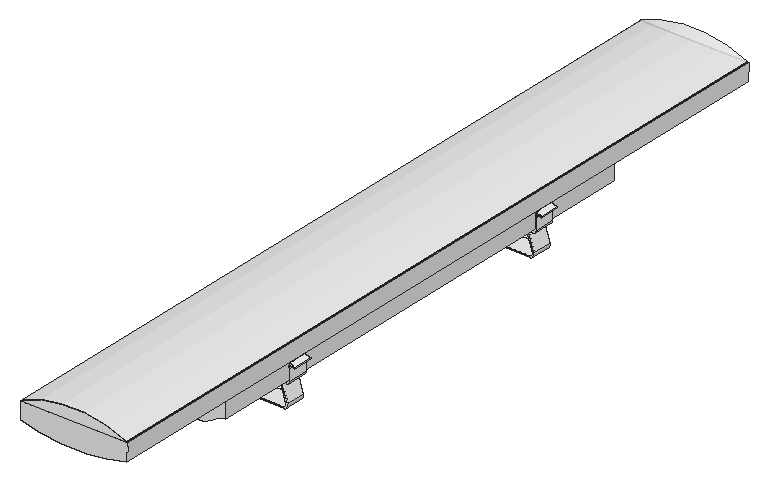
Revit family "Lighting-Industrial-GEWISS-SMART[3]-WATERTIGHT-LED_TRASPARENT_800mm", category Apparecchi per illuminazione, host Superficie, Revit 2019
Family settings
  Host = Superficie
  Quota connettore circolare = Usa diametro
  Tipo di parte = Normale
  Taglio con vuoti quando caricato = No
  Sorgente d'illuminazione = No
  Condiviso = No
  Punto di calcolo locali = Sì
Parameters (values of type "GWS3218TLD57K - SMART3 LED 800 2X18 TRASPAR.DALI 57K LP")
  Working temperature = ""
  Wiring : = "Through wiring"
  Wiring = "With GW connect watertight connector"
  Weight (kg): = "1,5"
  Warranty = "5 years"
  Voltage- = "220/240 V - 50/60 Hz - Dali"
  Visibilita_etichetta [instance] = yes
  Version file RFA = "20.11"
  Unique digital code (Datamatrix) = "Datamatrix"
  Unified Glare Rating = "UGR - 25 (4H/4H)"
  URL = "https://www.gewiss.com/ww/en"
  Typology = "Dali - Feed through wiring"
  Type of light source = "LED - Not replaceable"
  Tilt- = "With fixing bracket"
  Technical sheet = "https://www.gewiss.com/ww/en/search?q=GWS3218TLD57K"
  System power = "27W"
  Supply voltage = "220 - 240 V"
  Struttura = GEWISS - SMART 3 - GRIGIO
  Stocking temperature = "-25 +80 °C"
  Standards and approvals = "-"
  Standard- = "EN60598-1; IEC 62778; IEC62471"
  Standard Deviation Colour Matching = "SDCM = 3"
  Stampa 1_200 = no
  Stampa 1_100 = not(Stampa 1_200)  # yes
  Spostamento_Y_etichetta [instance] = 0 mm
  Spostamento_Y_effettivo_etichetta [instance] = 1500 mm - Spostamento_Y_etichetta  # 1500 mm
  Spostamento_X_etichetta [instance] = 0 mm
  Spostamento_X_effettivo_etichetta [instance] = 1500 mm - Spostamento_X_etichetta  # 1500 mm
  Shock resistance = "IK08"
  Shield type = "UV stabilised polycarbonate"
  Schermo- = Gewiss - Led Acceso
  SEO = "Luminaire"
  Realized by GEWISS S.p.A. = ""
  Rated frequency (Hz) = "50/60 Hz"
  Default Elevation = 1219.2 mm
  Produttore = "GEWISS S.p.A."
  Photobiological Risk Class = "RG0"
  Overvoltage resistance : = "Common mode: 2KV; Differential mode: 1KV"
  Overvoltage protection = "DM 1KV / CM 2KV"
  Optic and illuminating features = "-"
  Optic Maintenance = "Not available"
  Optic : = "Integrated in the screen"
  Optic = "Microprismatic transparent"
  Operating temperature: = "-30 +50 °C"
  Operating temperature : = "-25 +50 °C"
  Nominal flux (lm) = "3500"
  No. LED (#) = ""
  Mouting and installation = "Ceiling - Wallmounting - Suspension"
  Modello = "GWS3218TLD57K"
  Maximum surface exposed to the wind : = "-"
  Materials = "-"
  Lunghezza Lampada = 800 mm  # constant formula
  Luminaire = "LED fixture for general lighting"
  Lumen output (lm) = "3400"
  Locking Hook = "-"
  Lifetime = "L90B50 (Tq+25°C) = 50,000h - L80B10 (Tq+25°C) = 100,000h"
  Length- = "800 mm"
  Lampada = "LED"
  Lamp- = "LED"
  LED Maintenance = "Not available"
  LED LifeTime (L80B20) = "85000H"
  LED Life time (L80B50) = "100000H"
  LED Life time (L70) = ""
  LED Life Time (L90B50) = "50000H"
  Insulation class = "II"
  Installationa and maintenance = "-"
  Immagine tipo = GWS3118T.jpg
  IPEA = "-"
  IP degree = "IP66/IP69"
  IFC.TypeObject = ""
  IFC.ExportType = ""
  IFC.ExportAs = ""
  IDT = "ff6bcfd01228401f9ff1a7111276ab89"
  IDF = "effa2bba-3d5b-4dc5-b978-3b29baa064f3"
  Glow Wire Test : = "850 °C"
  Glow Wire Test = "850°C"
  General information = "-"
  Gasket = "CNC deposited sealant"
  Ganci = GEWISS  - ALLUMINIO
  Fixing = "Stainless steel support"
  Failure rate apparecchio (50.000h, Tq=25Â° C) = "<2,5%"
  Failure rate apparecchio (35.000h, Tq=35Â° C) = "<2,5%"
  External screw = "-"
  Eletrical and lighting features = "-"
  Electrocod = "2434"
  Efficiency class of integrated LEDs = "A ÷ A++"
  Efficiency (lm/W) = "126"
  EAN code = ""
  Driver type = "Constant Current Driver Led"
  Driver Box = "Built-in"
  Driver = "Included"
  Device with reduced surface temperature = "Yes"
  Descrizione = "SMART3 LED 800 2X18 TRASPAR.DALI 57K LP"
  DIN 18032-3 certification = "Not available"
  Control System : = "DALI"
  Control System = "Through wiring - DALI"
  Context = "Lighting of warehouses, indoor parking and industrial production rooms"
  Colour temperature: = "5700 K (CRI>80)"
  Colour temperature = "5700K"
  Colour : = "RAL7035 colored PC paste"
  Colour = "Grey (RAL 7035)"
  Color Rendering Index = "CRI-80"
  Classification: = "-"
  Catalogue Range = "SMART [3]"
  Catalogue = "LIGHTING"
  COBie.Tagnumber = ""
  COBie.CreatedOn = ""
  COBie.CreatebBy = ""
  COBie.ComponentRegisterItemID = ""
  COBie.Component.TagNumber = ""
  COBie.Component.Space = ""
  COBie.Component.SerialNumber = ""
  COBie.Component.InstallationDate = ""
  COBie.Component.Description = ""
  COBie.Component.BarCode = ""
  Body = "Polycarbonate"
  Application = "Internal"
Types (17, lengths in mm): name | Working temperature | Wiring : | Wiring | Voltage- | Unique digital code (Datamatrix) | Unified Glare Rating | Typology | Tilt- | Technical sheet | System power | Supply voltage | Stocking temperature | Standards and approvals | Standard- | Standard Deviation Colour Matching | Shield type | Rated frequency (Hz) | Photobiological Risk Class | Overvoltage resistance : | Overvoltage protection | Optic and illuminating features | Optic Maintenance | Optic : | Optic | Operating temperature : | Nominal flux (lm) | No. LED (#) | Mouting and installation | Modello | Maximum surface exposed to the wind : | Materials | Luminaire | Lumen output (lm) | Locking Hook | Lifetime | LED Maintenance | LED Life time (L70) | Installationa and maintenance | IPEA | IDT | Glow Wire Test : | General information | Gasket | Fixing | External screw | Eletrical and lighting features | Efficiency (lm/W) | EAN code | Driver Box | Driver | Device with reduced surface temperature | Descrizione | DIN 18032-3 certification | Control System : | Control System | Context | Colour temperature: | Colour temperature | Colour : | Colour | Color Rendering Index | Classification: | Body
  (no name) | "-25 +50 °C" | "Through wiring" | "With GW connect watertight connector" | "220/240 V - 50/60 Hz - Dali" | "Datamatrix" | "UGR - 25 (4H/4H)" | "Dali - Feed through wiring" | "With fixing bracket" | "https://www.gewiss.com/ww/en/search?q=GWS3218TLD57K" | "27W" | "220 - 240 V" | "-25 +80 °C" | "-" | "EN60598-1; IEC 62778; IEC62471" | "SDCM = 3" | "UV stabilised polycarbonate" | "50/60 Hz" | "RG0" | "Common mode: 2KV; Differential mode: 1KV" | "DM 1KV / CM 2KV" | "-" | "Not available" | "Integrated in the screen" | "Microprismatic transparent" | "-25 +50 °C" | "3500" | "42" | "Ceiling - Wallmounting - Suspension" | "GWS3218TLD57K" | "-" | "-" | "LED fixture for general lighting" | "3400" | "-" | "L90B50 (Tq+25°C) = 50,000h - L80B10 (Tq+25°C) = 100,000h" | "Not available" | "80000H" | "-" | "-" | "ff6bcfd01228401f9ff1a7111276ab89" | "850 °C" | "-" | "CNC deposited sealant" | "Stainless steel support" | "-" | "-" | "126" | "8011564877054" | "Built-in" | "Included" | "Yes" | "SMART3 LED 800 2X18 TRASPAR.DALI 57K LP" | "Not available" | "DALI" | "Through wiring - DALI" | "Lighting of warehouses, indoor parking and industrial production rooms" | "5700 K (CRI>80)" | "5700K" | "RAL7035 colored PC paste" | "Grey (RAL 7035)" | "CRI-80" | "-" | "Polycarbonate"
  GWS3118T - SMART3 LED 800 1X18 TRANSP. | "-25 +50 °C" | "" | "" | "220/240 V - 50/60 Hz - Stand alone" | "" | "" | "Stand alone" | "" | "https://www.gewiss.com/ww/en/search?q=GWS3118T" | "15W" | "" | "" | "" | "" | "" | "Transparent" | "" | "" | "" | "" | "" | "" | "" | "" | "" | "2100" | "36" | "" | "GWS3118T" | "" | "" | "" | "1700" | "" | "" | "" | "80000H" | "" | "" | "c03e4489-cde8-443e-93cb-871393c55b12" | "" | "" | "" | "" | "" | "" | "" | "8011564857469" | "" | "" | "Complying" | "SMART3 800 36LED TRANSP" | "" | "" | "" | "" | "4000 K (CRI 80)" | "4000 K (CRI 80)" | "" | "" | "" | "" | ""
  GWS3118TL - SMART3 LED 800 1X18 TRASPAR.LP | "" | "Through wiring" | "With GW connect watertight connector" | "220/240 V - 50/60 Hz - Stand alone" | "Datamatrix" | "UGR - 25 (4H/8H)" | "Stand alone - Quick wiring connection" | "With fixing bracket" | "https://www.gewiss.com/ww/en/search?q=GWS3118TL" | "15W" | "220 - 240 V" | "-25 +80 °C" | "-" | "EN60598-1; IEC 62778; IEC62471" | "SDCM = 3" | "UV stabilised polycarbonate" | "50/60 Hz" | "RG0" | "Common mode: 2KV; Differential mode: 1KV" | "DM 1KV / CM 2KV" | "-" | "Not available" | "Integrated in the screen" | "Microprismatic transparent" | "-25 +50 °C" | "2100" | "" | "Ceiling - Wallmounting - Suspension" | "GWS3118TL" | "-" | "-" | "LED fixture for general lighting" | "1500" | "-" | "L90B50 (Tq+25°C) = 50,000h - L80B10 (Tq+25°C) = 100,000h" | "Not available" | "" | "-" | "-" | "7ab7d349bce84d43a9e106559738b684" | "850 °C" | "-" | "CNC deposited sealant" | "Stainless steel support" | "-" | "-" | "100" | "" | "Built-in" | "Included" | "Yes" | "SMART3 LED 800 1X18 TRASPAR.LP" | "Not available" | "ON / OFF" | "Through wiring - On/Off" | "Lighting of warehouses, indoor parking and industrial production rooms" | "4000 K (CRI>80)" | "4000K" | "RAL7035 colored PC paste" | "Grey (RAL 7035)" | "CRI-80" | "-" | "Polycarbonate"
  GWS3218T - SMART3 LED 800 2X18 TRANSP. | "-25 +50 °C" | "" | "" | "220/240 V - 50/60 Hz - Stand alone" | "" | "" | "Stand alone" | "" | "https://www.gewiss.com/ww/en/search?q=GWS3218T" | "27W" | "" | "" | "" | "" | "" | "Transparent" | "" | "" | "" | "" | "" | "" | "" | "" | "" | "3500" | "42" | "" | "GWS3218T" | "" | "" | "" | "3400" | "" | "" | "" | "80000H" | "" | "" | "29e19541-38b3-433a-bb83-9e5177020856" | "" | "" | "" | "" | "" | "" | "" | "8011564857490" | "" | "" | "Complying" | "SMART3 800 42LED TRASP" | "" | "" | "" | "" | "4000 K (CRI 80)" | "4000 K (CRI 80)" | "" | "" | "" | "" | ""
  GWS3218T30K - SMART3 LED 800 2X18 TRASPAR.30K | "-25 +50 °C" | "" | "" | "220/240 V - 50/60 Hz - Stand alone" | "" | "" | "Stand alone" | "" | "https://www.gewiss.com/ww/en/search?q=GWS3218T30K" | "27W" | "" | "" | "" | "" | "" | "Transparent" | "" | "" | "" | "" | "" | "" | "" | "" | "" | "3300" | "42" | "" | "GWS3218T30K" | "" | "" | "" | "3200" | "" | "" | "" | "80000H" | "" | "" | "a7e26aa7-5f78-4cf3-a90e-b8adc76760b1" | "" | "" | "" | "" | "" | "" | "" | "8011564872547" | "" | "" | "Complying" | "SMART3 800 42LED TRANSP 30K" | "" | "" | "" | "" | "3000 K (CRI 80)" | "3000 K (CRI 80)" | "" | "" | "" | "" | ""
  GWS3218T57K - SMART3 LED 800 2X18 TRANSP.57K | "-25 +50 °C" | "" | "" | "220/240 V - 50/60 Hz - Stand alone" | "" | "" | "Stand alone" | "" | "https://www.gewiss.com/ww/en/search?q=GWS3218T57K" | "27W" | "" | "" | "" | "" | "" | "Transparent" | "" | "" | "" | "" | "" | "" | "" | "" | "" | "3500" | "42" | "" | "GWS3218T57K" | "" | "" | "" | "3400" | "" | "" | "" | "80000H" | "" | "" | "9b62a0a3-1647-4ce1-9d17-ee591f633adc" | "" | "" | "" | "" | "" | "" | "" | "8011564872349" | "" | "" | "Complying" | "SMART3 800 42LED TRANSP 57K" | "" | "" | "" | "" | "5700 K (CRI 80)" | "5700 K (CRI 80)" | "" | "" | "" | "" | ""
  GWS3118TD - SMART3 LED 800 1X18 TRASPAR.DALI | "-25 +50 °C" | "" | "" | "220/240 V - 50/60 Hz - Dali" | "" | "" | "DALI" | "" | "https://www.gewiss.com/ww/en/search?q=GWS3118TD" | "17W" | "" | "" | "" | "" | "" | "Transparent" | "" | "" | "" | "" | "" | "" | "" | "" | "" | "2100" | "36" | "" | "GWS3118TD" | "" | "" | "" | "1700" | "" | "" | "" | "80000H" | "" | "" | "22ce5ac6-e54e-44e8-a036-ec16b0c10687" | "" | "" | "" | "" | "" | "" | "" | "8011564869127" | "" | "" | "Complying" | "SMART3 800 36LED TRANSP DALI" | "" | "" | "" | "" | "4000 K (CRI 80)" | "4000 K (CRI 80)" | "" | "" | "" | "" | ""
  GWS3118TLD - SMART3 LED 800 1X18 TRASPAR.DALI LP | "" | "Through wiring" | "With GW connect watertight connector" | "220/240 V - 50/60 Hz - Dali" | "Datamatrix" | "UGR - 25 (4H/8H)" | "Dali - Feed through wiring" | "With fixing bracket" | "https://www.gewiss.com/ww/en/search?q=GWS3118TLD" | "15W" | "220 - 240 V" | "-25 +80 °C" | "-" | "EN60598-1; IEC 62778; IEC62471" | "SDCM = 3" | "UV stabilised polycarbonate" | "50/60 Hz" | "RG0" | "Common mode: 2KV; Differential mode: 1KV" | "DM 1KV / CM 2KV" | "-" | "Not available" | "Integrated in the screen" | "Microprismatic transparent" | "-25 +50 °C" | "2100" | "" | "Ceiling - Wallmounting - Suspension" | "GWS3118TLD" | "-" | "-" | "LED fixture for general lighting" | "1500" | "-" | "L90B50 (Tq+25°C) = 50,000h - L80B10 (Tq+25°C) = 100,000h" | "Not available" | "" | "-" | "-" | "ce0deea58242412cbee7456eff245e44" | "850 °C" | "-" | "CNC deposited sealant" | "Stainless steel support" | "-" | "-" | "100" | "" | "Built-in" | "Included" | "Yes" | "SMART3 LED 800 1X18 TRASPAR.DALI LP" | "Not available" | "DALI" | "Through wiring - DALI" | "Lighting of warehouses, indoor parking and industrial production rooms" | "4000 K (CRI>80)" | "4000K" | "RAL7035 colored PC paste" | "Grey (RAL 7035)" | "CRI-80" | "-" | "Polycarbonate"
  GWS3218TL - SMART3 LED 800 2X18 TRANSP.QW | "" | "Through wiring" | "With GW connect watertight connector" | "220/240 V - 50/60 Hz - Stand alone" | "Datamatrix" | "UGR - 25 (4H/4H)" | "Stand alone - Quick wiring connection" | "With fixing bracket" | "https://www.gewiss.com/ww/en/search?q=GWS3218TL" | "27W" | "220 - 240 V" | "-25 +80 °C" | "-" | "EN60598-1; IEC 62778; IEC62471" | "SDCM = 3" | "UV stabilised polycarbonate" | "50/60 Hz" | "RG0" | "Common mode: 2KV; Differential mode: 1KV" | "DM 1KV / CM 2KV" | "-" | "Not available" | "Integrated in the screen" | "Microprismatic transparent" | "-25 +50 °C" | "3500" | "" | "Ceiling - Wallmounting - Suspension" | "GWS3218TL" | "-" | "-" | "LED fixture for general lighting" | "3400" | "-" | "L90B50 (Tq+25°C) = 50,000h - L80B10 (Tq+25°C) = 100,000h" | "Not available" | "" | "-" | "-" | "de84fc68457f47399e5b4e9445d04a48" | "850 °C" | "-" | "CNC deposited sealant" | "Stainless steel support" | "-" | "-" | "126" | "" | "Built-in" | "Included" | "Yes" | "SMART3 LED 800 2X18 TRANSP.QW" | "Not available" | "ON / OFF" | "Through wiring - On/Off" | "Lighting of warehouses, indoor parking and industrial production rooms" | "4000 K (CRI>80)" | "4000K" | "RAL7035 colored PC paste" | "Grey (RAL 7035)" | "CRI-80" | "-" | "Polycarbonate"
  GWS3218TD30K - SMART3 LED 800 2X18 TRASPAR.DALI 30K | "-25 +50 °C" | "" | "" | "220/240 V - 50/60 Hz - Dali" | "" | "" | "DALI" | "" | "https://www.gewiss.com/ww/en/search?q=GWS3218TD30K" | "27W" | "" | "" | "" | "" | "" | "Transparent" | "" | "" | "" | "" | "" | "" | "" | "" | "" | "3300" | "42" | "" | "GWS3218TD30K" | "" | "" | "" | "3200" | "" | "" | "" | "80000H" | "" | "" | "0d6a2099-951f-43bb-9512-9c969ba018da" | "" | "" | "" | "" | "" | "" | "" | "8011564877047" | "" | "" | "Complying" | "SMART3 800 42LED TRANSP DALI 30K" | "" | "" | "" | "" | "3000 K (CRI 80)" | "3000 K (CRI 80)" | "" | "" | "" | "" | ""
  GWS3218TD57K - SMART3 LED 800 2X18 TRASPAR.DALI 57K | "-25 +50 °C" | "" | "" | "220/240 V - 50/60 Hz - Dali" | "" | "" | "DALI" | "" | "https://www.gewiss.com/ww/en/search?q=GWS3218TD57K" | "27W" | "" | "" | "" | "" | "" | "Transparent" | "" | "" | "" | "" | "" | "" | "" | "" | "" | "3500" | "42" | "" | "GWS3218TD57K" | "" | "" | "" | "3400" | "" | "" | "" | "80000H" | "" | "" | "283ebef6-a63c-403a-976f-7eba4a93ffbe" | "" | "" | "" | "" | "" | "" | "" | "8011564877054" | "" | "" | "Complying" | "SMART3 800 42LED TRANSP DALI 57K" | "" | "" | "" | "" | "5700 K (CRI 80)" | "5700 K (CRI 80)" | "" | "" | "" | "" | ""
  GWS3218TL30K - SMART3 LED 800 2X18 TRASPAR.30K LP | "" | "Through wiring" | "With GW connect watertight connector" | "220/240 V - 50/60 Hz - Stand alone" | "Datamatrix" | "UGR - 25 (4H/4H)" | "Stand alone - Quick wiring connection" | "With fixing bracket" | "https://www.gewiss.com/ww/en/search?q=GWS3218TL30K" | "27W" | "220 - 240 V" | "-25 +80 °C" | "-" | "EN60598-1; IEC 62778; IEC62471" | "SDCM = 3" | "UV stabilised polycarbonate" | "50/60 Hz" | "RG0" | "Common mode: 2KV; Differential mode: 1KV" | "DM 1KV / CM 2KV" | "-" | "Not available" | "Integrated in the screen" | "Microprismatic transparent" | "-25 +50 °C" | "3300" | "" | "Ceiling - Wallmounting - Suspension" | "GWS3218TL30K" | "-" | "-" | "LED fixture for general lighting" | "3200" | "-" | "L90B50 (Tq+25°C) = 50,000h - L80B10 (Tq+25°C) = 100,000h" | "Not available" | "" | "-" | "-" | "65c35478eaa4473eaba3739e8677d533" | "850 °C" | "-" | "CNC deposited sealant" | "Stainless steel support" | "-" | "-" | "119" | "" | "Built-in" | "Included" | "Yes" | "SMART3 LED 800 2X18 TRASPAR.30K LP" | "Not available" | "ON / OFF" | "Through wiring - On/Off" | "Lighting of warehouses, indoor parking and industrial production rooms" | "3000 K (CRI>80)" | "3000K" | "RAL7035 colored PC paste" | "Grey (RAL 7035)" | "CRI-80" | "-" | "Polycarbonate"
  GWS3218TL57K - SMART3 LED 800 2X18 TRASPAR.57K LP | "" | "Through wiring" | "With GW connect watertight connector" | "220/240 V - 50/60 Hz - Stand alone" | "Datamatrix" | "UGR - 25 (4H/4H)" | "Stand alone - Quick wiring connection" | "With fixing bracket" | "https://www.gewiss.com/ww/en/search?q=GWS3218TL57K" | "27W" | "220 - 240 V" | "-25 +80 °C" | "-" | "EN60598-1; IEC 62778; IEC62471" | "SDCM = 3" | "UV stabilised polycarbonate" | "50/60 Hz" | "RG0" | "Common mode: 2KV; Differential mode: 1KV" | "DM 1KV / CM 2KV" | "-" | "Not available" | "Integrated in the screen" | "Microprismatic transparent" | "-25 +50 °C" | "3500" | "" | "Ceiling - Wallmounting - Suspension" | "GWS3218TL57K" | "-" | "-" | "LED fixture for general lighting" | "3400" | "-" | "L90B50 (Tq+25°C) = 50,000h - L80B10 (Tq+25°C) = 100,000h" | "Not available" | "" | "-" | "-" | "74aa81087bed4978b6fa80b0ae502330" | "850 °C" | "-" | "CNC deposited sealant" | "Stainless steel support" | "-" | "-" | "126" | "" | "Built-in" | "Included" | "Yes" | "SMART3 LED 800 2X18 TRASPAR.57K LP" | "Not available" | "ON / OFF" | "Through wiring - On/Off" | "Lighting of warehouses, indoor parking and industrial production rooms" | "5700 K (CRI>80)" | "5700K" | "RAL7035 colored PC paste" | "Grey (RAL 7035)" | "CRI-80" | "-" | "Polycarbonate"
  GWS3218TLD - SMART3 LED 800 2X18 TRASPAR.DALI LP | "" | "Through wiring" | "With GW connect watertight connector" | "220/240 V - 50/60 Hz - Dali" | "Datamatrix" | "UGR - 25 (4H/4H)" | "Dali - Feed through wiring" | "With fixing bracket" | "https://www.gewiss.com/ww/en/search?q=GWS3218TLD" | "27W" | "220 - 240 V" | "-25 +80 °C" | "-" | "EN60598-1; IEC 62778; IEC62471" | "SDCM = 3" | "UV stabilised polycarbonate" | "50/60 Hz" | "RG0" | "Common mode: 2KV; Differential mode: 1KV" | "DM 1KV / CM 2KV" | "-" | "Not available" | "Integrated in the screen" | "Microprismatic transparent" | "-25 +50 °C" | "3500" | "" | "Ceiling - Wallmounting - Suspension" | "GWS3218TLD" | "-" | "-" | "LED fixture for general lighting" | "3400" | "-" | "L90B50 (Tq+25°C) = 50,000h - L80B10 (Tq+25°C) = 100,000h" | "Not available" | "" | "-" | "-" | "080291420b01476b9a97a408335c276f" | "850 °C" | "-" | "CNC deposited sealant" | "Stainless steel support" | "-" | "-" | "126" | "" | "Built-in" | "Included" | "Yes" | "SMART3 LED 800 2X18 TRASPAR.DALI LP" | "Not available" | "DALI" | "Through wiring - DALI" | "Lighting of warehouses, indoor parking and industrial production rooms" | "4000 K (CRI>80)" | "4000K" | "RAL7035 colored PC paste" | "Grey (RAL 7035)" | "CRI-80" | "-" | "Polycarbonate"
  GWS3218TLD30K - SMART3 LED 800 2X18 TRASPAR.DALI 30K LP | "" | "Through wiring" | "With GW connect watertight connector" | "220/240 V - 50/60 Hz - Dali" | "Datamatrix" | "UGR - 25 (4H/4H)" | "Dali - Feed through wiring" | "With fixing bracket" | "https://www.gewiss.com/ww/en/search?q=GWS3218TLD30K" | "27W" | "220 - 240 V" | "-25 +80 °C" | "-" | "EN60598-1; IEC 62778; IEC62471" | "SDCM = 3" | "UV stabilised polycarbonate" | "50/60 Hz" | "RG0" | "Common mode: 2KV; Differential mode: 1KV" | "DM 1KV / CM 2KV" | "-" | "Not available" | "Integrated in the screen" | "Microprismatic transparent" | "-25 +50 °C" | "3300" | "" | "Ceiling - Wallmounting - Suspension" | "GWS3218TLD30K" | "-" | "-" | "LED fixture for general lighting" | "3200" | "-" | "L90B50 (Tq+25°C) = 50,000h - L80B10 (Tq+25°C) = 100,000h" | "Not available" | "" | "-" | "-" | "1a16f1967e0f48818479d943bcd6a260" | "850 °C" | "-" | "CNC deposited sealant" | "Stainless steel support" | "-" | "-" | "119" | "" | "Built-in" | "Included" | "Yes" | "SMART3 LED 800 2X18 TRASPAR.DALI 30K LP" | "Not available" | "DALI" | "Through wiring - DALI" | "Lighting of warehouses, indoor parking and industrial production rooms" | "3000 K (CRI>80)" | "3000K" | "RAL7035 colored PC paste" | "Grey (RAL 7035)" | "CRI-80" | "-" | "Polycarbonate"
  GWS3218TLD57K - SMART3 LED 800 2X18 TRASPAR.DALI 57K LP | "" | "Through wiring" | "With GW connect watertight connector" | "220/240 V - 50/60 Hz - Dali" | "Datamatrix" | "UGR - 25 (4H/4H)" | "Dali - Feed through wiring" | "With fixing bracket" | "https://www.gewiss.com/ww/en/search?q=GWS3218TLD57K" | "27W" | "220 - 240 V" | "-25 +80 °C" | "-" | "EN60598-1; IEC 62778; IEC62471" | "SDCM = 3" | "UV stabilised polycarbonate" | "50/60 Hz" | "RG0" | "Common mode: 2KV; Differential mode: 1KV" | "DM 1KV / CM 2KV" | "-" | "Not available" | "Integrated in the screen" | "Microprismatic transparent" | "-25 +50 °C" | "3500" | "" | "Ceiling - Wallmounting - Suspension" | "GWS3218TLD57K" | "-" | "-" | "LED fixture for general lighting" | "3400" | "-" | "L90B50 (Tq+25°C) = 50,000h - L80B10 (Tq+25°C) = 100,000h" | "Not available" | "" | "-" | "-" | "ff6bcfd01228401f9ff1a7111276ab89" | "850 °C" | "-" | "CNC deposited sealant" | "Stainless steel support" | "-" | "-" | "126" | "" | "Built-in" | "Included" | "Yes" | "SMART3 LED 800 2X18 TRASPAR.DALI 57K LP" | "Not available" | "DALI" | "Through wiring - DALI" | "Lighting of warehouses, indoor parking and industrial production rooms" | "5700 K (CRI>80)" | "5700K" | "RAL7035 colored PC paste" | "Grey (RAL 7035)" | "CRI-80" | "-" | "Polycarbonate"
  GWS3218TD - SMART3 LED 800 2X18 TRANSP.DALI | "-25 +50 °C" | "" | "" | "220/240 V - 50/60 Hz - Dali" | "" | "" | "DALI" | "" | "https://www.gewiss.com/ww/en/search?q=GWS3218TD" | "27W" | "" | "" | "" | "" | "" | "Transparent" | "" | "" | "" | "" | "" | "" | "" | "" | "" | "3500" | "42" | "" | "GWS3218TD" | "" | "" | "" | "3400" | "" | "" | "" | "80000H" | "" | "" | "447d5fa0-8562-4224-9550-3e3b1daa1990" | "" | "" | "" | "" | "" | "" | "" | "8011564869158" | "" | "" | "Complying" | "SMART3 800 42LED TRASP DALI" | "" | "" | "" | "" | "4000 K (CRI 80)" | "4000 K (CRI 80)" | "" | "" | "" | "" | ""
Reference planes
  plane 1 "Centro (Fronte/Retro)": y = 0
  plane 2: z = 0
  plane 3 "Centro (Sinistra/Destra)": x = 0
  plane 4: x = -1500
  plane 5: y = -1500
  plane 6: x = 0
  plane 7: y = 0
Forms (mm)
  Extrusion 1, solid, material "GEWISS  - ALLUMINIO" <- "Ganci", detail levels medium+fine
    sketch origin (0, 0, 0) x (1, 0, 0) y (0, 0, 1)
      loop
        arc (31.431, -0.002) -> (34.576, 1.589) -> (35.156, 5.066) r 3.903
        line (35.156, 5.066) -> (29.612, 23.211)
        arc (29.612, 23.211) -> (29.883, 24.381) -> (31.032, 24.73) r 1.2
        line (31.032, 24.73) -> (34.307, 23.974)
        arc (34.307, 23.974) -> (36.765, 24.53) -> (37.859, 26.8) r 2.9
        line (37.859, 26.8) -> (37.859, 38.8)
        arc (37.859, 38.8) -> (37.648, 39.694) -> (37.059, 40.4) r 2
        line (37.059, 40.4) -> (37.059, 42.71) -> (42.861, 40.598) -> (43.203, 41.538) -> (37.53, 43.603)
        arc (37.53, 43.603) -> (37.019, 43.613) -> (36.605, 43.311) r 0.8
        line (36.605, 43.311) -> (36.306, 26.139)
        arc (36.306, 26.139) -> (35.6, 25.444) -> (34.616, 25.34) r 1.5
        line (34.616, 25.34) -> (31.344, 26.095)
        arc (31.344, 26.095) -> (28.858, 25.335) -> (28.273, 22.802) r 2.6
        line (28.273, 22.802) -> (33.827, 4.636)
        arc (33.827, 4.636) -> (33.449, 2.415) -> (31.438, 1.4) r 2.5
        line (31.438, 1.4) -> (-31.437, 1.4)
        arc (-31.437, 1.4) -> (-33.449, 2.415) -> (-33.827, 4.636) r 2.5
        line (-33.827, 4.636) -> (-28.273, 22.802)
        arc (-28.273, 22.802) -> (-28.858, 25.335) -> (-31.344, 26.095) r 2.6
        line (-31.344, 26.095) -> (-34.616, 25.34)
        arc (-34.616, 25.34) -> (-35.6, 25.444) -> (-36.306, 26.139) r 1.5
        line (-36.306, 26.139) -> (-36.605, 43.311)
        arc (-36.605, 43.311) -> (-37.019, 43.613) -> (-37.53, 43.603) r 0.8
        line (-37.53, 43.603) -> (-43.203, 41.538) -> (-42.861, 40.598) -> (-37.059, 42.71) -> (-37.059, 40.4)
        arc (-37.059, 40.4) -> (-37.648, 39.694) -> (-37.859, 38.8) r 2
        line (-37.859, 38.8) -> (-37.859, 26.8)
        arc (-37.859, 26.8) -> (-36.765, 24.53) -> (-34.307, 23.974) r 2.9
        line (-34.307, 23.974) -> (-31.032, 24.73)
        arc (-31.032, 24.73) -> (-29.883, 24.381) -> (-29.612, 23.211) r 1.2
        line (-29.612, 23.211) -> (-35.156, 5.066)
        arc (-35.156, 5.066) -> (-34.576, 1.589) -> (-31.431, -0.002) r 3.903
        line (-31.431, -0.002) -> (31.431, -0.002)
    from 148.766 to 168.766
  Extrusion 2, solid, material "GEWISS  - ALLUMINIO" <- "Ganci", detail levels medium+fine
    sketch origin (0, 0, 0) x (1, 0, 0) y (0, 0, -1)
      loop
        line (31.431, 0.002) -> (-31.431, 0.002)
        arc (-31.431, 0.002) -> (-34.576, -1.589) -> (-35.156, -5.066) r 3.903
        line (-35.156, -5.066) -> (-29.612, -23.211)
        arc (-29.612, -23.211) -> (-29.883, -24.381) -> (-31.032, -24.73) r 1.2
        line (-31.032, -24.73) -> (-34.307, -23.974)
        arc (-34.307, -23.974) -> (-36.765, -24.53) -> (-37.859, -26.8) r 2.9
        line (-37.859, -26.8) -> (-37.859, -38.8)
        arc (-37.859, -38.8) -> (-37.648, -39.694) -> (-37.059, -40.4) r 2
        line (-37.059, -40.4) -> (-37.059, -42.71) -> (-42.861, -40.598) -> (-43.203, -41.538) -> (-37.53, -43.603)
        arc (-37.53, -43.603) -> (-37.019, -43.613) -> (-36.605, -43.311) r 0.8
        line (-36.605, -43.311) -> (-36.306, -26.139)
        arc (-36.306, -26.139) -> (-35.6, -25.444) -> (-34.616, -25.34) r 1.5
        line (-34.616, -25.34) -> (-31.344, -26.095)
        arc (-31.344, -26.095) -> (-28.858, -25.335) -> (-28.273, -22.802) r 2.6
        line (-28.273, -22.802) -> (-33.827, -4.636)
        arc (-33.827, -4.636) -> (-33.449, -2.415) -> (-31.437, -1.4) r 2.5
        line (-31.437, -1.4) -> (31.438, -1.4)
        arc (31.438, -1.4) -> (33.449, -2.415) -> (33.827, -4.636) r 2.5
        line (33.827, -4.636) -> (28.273, -22.802)
        arc (28.273, -22.802) -> (28.858, -25.335) -> (31.344, -26.095) r 2.6
        line (31.344, -26.095) -> (34.616, -25.34)
        arc (34.616, -25.34) -> (35.6, -25.444) -> (36.306, -26.139) r 1.5
        line (36.306, -26.139) -> (36.605, -43.311)
        arc (36.605, -43.311) -> (37.019, -43.613) -> (37.53, -43.603) r 0.8
        line (37.53, -43.603) -> (43.203, -41.538) -> (42.861, -40.598) -> (37.059, -42.71) -> (37.059, -40.4)
        arc (37.059, -40.4) -> (37.648, -39.694) -> (37.859, -38.8) r 2
        line (37.859, -38.8) -> (37.859, -26.8)
        arc (37.859, -26.8) -> (36.765, -24.53) -> (34.307, -23.974) r 2.9
        line (34.307, -23.974) -> (31.032, -24.73)
        arc (31.032, -24.73) -> (29.883, -24.381) -> (29.612, -23.211) r 1.2
        line (29.612, -23.211) -> (35.156, -5.066)
        arc (35.156, -5.066) -> (34.576, -1.589) -> (31.431, 0.002) r 3.903
    from 148.766 to 168.766
  Extrusion 3, solid, material "GEWISS - SMART 3 - GRIGIO" <- "Struttura", detail levels medium+fine
    sketch origin (0, 0, 0) x (1, 0, 0) y (0, 0, 1)
      loop
        line (-36.331, 55.757) -> (-35.847, 28.018)
        arc (-35.847, 28.018) -> (-33.139, 27.27) -> (-30.416, 26.58) r 129.5
        arc (-30.416, 26.58) -> (-28.066, 25.76) -> (-25.915, 24.506) r 13
        arc (-25.915, 24.506) -> (-24.23, 23.324) -> (-22.521, 22.178) r 99.5
        arc (-22.521, 22.178) -> (-16.401, 19.063) -> (-9.748, 17.365) r 31.146
        line (-9.748, 17.365) -> (12.491, 17.365)
        arc (12.491, 17.365) -> (17.822, 19.098) -> (22.764, 21.745) r 31.646
        arc (22.764, 21.745) -> (24.509, 22.915) -> (26.228, 24.122) r 100
        arc (26.228, 24.122) -> (28.283, 25.313) -> (30.525, 26.095) r 12.5
        arc (30.525, 26.095) -> (33.437, 26.834) -> (36.332, 27.64) r 130
        line (36.332, 27.64) -> (36.824, 55.851)
        arc (36.824, 55.851) -> (24.914, 53.937) -> (12.909, 52.764) r 195.047
        line (12.909, 52.764) -> (-12.909, 52.764)
        arc (-12.909, 52.764) -> (-24.665, 53.905) -> (-36.331, 55.757) r 195.047
    from -250 to 250
  Extrusion 4, solid, material "GEWISS - SMART 3 - GRIGIO" <- "Struttura", detail levels medium+fine
    sketch origin (0, 0, 0) x (1, 0, 0) y (0, 0, 1)
      loop
        line (54.725, 60.184) -> (55.177, 77.445) -> (-55.177, 77.445) -> (-54.725, 60.184)
        arc (-54.725, 60.184) -> (-34.019, 55.332) -> (-12.909, 52.764) r 195.047
        line (-12.909, 52.764) -> (12.909, 52.764)
        arc (12.909, 52.764) -> (34.019, 55.332) -> (54.725, 60.184) r 195.047
    from -400 to 400
  Extrusion 5, solid, material "Gewiss - Led Acceso" <- "Schermo-", detail levels medium+fine
    sketch origin (0, 0, 0) x (1, 0, 0) y (0, 0, 1)
      loop
        arc (54.697, 78.441) -> (-0.014, 90.457) -> (-54.723, 78.429) r 130.5
        arc (-54.723, 78.429) -> (-54.988, 77.838) -> (-54.5, 77.445) r 0.5
        line (-54.5, 77.445) -> (54.479, 77.445)
        arc (54.479, 77.445) -> (54.988, 77.855) -> (54.697, 78.441) r 0.522
    from -400 to 400
  Extrusion 6, solid, material "GEWISS - SMART 3 - GRIGIO" <- "Struttura", detail levels coarse
    sketch origin (0, 0, 0) x (1, 0, 0) y (0, 0, 1)
      loop
        line (-54.5, 90.439) -> (-54.5, 0) -> (54.5, 0) -> (54.5, 90.439) -> (-54.5, 90.439)
    from -400 to 400
Lines and regions (mm)
  Masking region 1
    outline origin (0, 0, 0) x (1, 0, 0) y (0, 1, 0)
      loop
        line (-55.177, 400) -> (-55.177, -400) -> (55.177, -400) -> (55.177, 400) -> (-55.177, 400)
  model lines, style "GEWISS - LIGHT 2D", not visible
    curve 1: arc (658.224, 441.447, 0) -> (657.902, 441.529, 0) -> (657.571, 441.558, 0) r 1.999
    curve 2: arc (659.744, 439.503, 0) -> (659.172, 440.906, 0) -> (657.781, 441.505, 0) r 1.998
    curve 3: arc (549.391, -356.494, 0) -> (549.963, -357.897, 0) -> (551.356, -358.495, 0) r 1.998
    curve 4: arc (657.744, -358.495, 0) -> (659.181, -357.627, 0) -> (659.745, -356.046, 0) r 2.5
    curve 5: arc (551.891, 441.558, 0) -> (550.123, 440.825, 0) -> (549.391, 439.058, 0) r 2.5
    curve 6: line (657.571, 441.558, 0) -> (604.567, 441.558, 0)
    curve 7: line (604.567, 441.558, 0) -> (551.891, 441.558, 0)
    curve 8: line (551.356, -358.495, 0) -> (604.568, -358.495, 0)
    curve 9: line (604.568, -358.495, 0) -> (657.744, -358.495, 0)
    curve 10: line (659.745, -356.046, 0) -> (659.745, 439.503, 0)
    curve 11: line (657.781, 441.505, 0) -> (604.567, 441.505, 0)
    curve 12: line (549.391, -356.494, 0) -> (549.391, 439.058, 0)
    curve 13: line (604.569, 276.529, 0) -> (604.569, -193.52, 0)
  symbolic lines, style "GEWISS - LIGHT 2D"
    curve 14: line (0, 328.766, 0) -> (0, -304.8, 0)
Dimensions and locks
  plane 4 to plane 3 "Centro (Sinistra/Destra)" = 1500 mm
  "Spostamento_X_effettivo_etichetta": plane 4 to plane 6
  "Spostamento_Y_effettivo_etichetta": plane 7 to plane 5
  plane 1 "Centro (Fronte/Retro)" to plane 5 = 1500 mm
  aligned and locked: plane 2 to host face
  aligned and locked: level to host face
  aligned and locked: plane 6 to nested 1
  aligned and locked: nested 1 to plane 7
  aligned and locked: Masking region 1 sketch curve to Extrusion 4  (x4)
  aligned and locked: curve 14 to plane 6
Automatic sketch dimensions
  host sketch curve to host sketch curve = 2438.4 mm  (x2)
  Extrusion 1 sketch curve to Extrusion 1 sketch curve = 0 mm  (x28)
  Extrusion 1 sketch curve to plane 3 "Centro (Sinistra/Destra)" = 43.203 mm
  level to Extrusion 1 sketch curve = 40.598 mm
  Extrusion 1 sketch curve to Extrusion 1 sketch curve = 0.342 mm  (x2)
  Extrusion 1 sketch curve to Extrusion 1 sketch curve = 5.002 mm  (x2)
  Extrusion 1 sketch curve to Extrusion 1 sketch curve = 0.329 mm
  Extrusion 1 sketch curve to Extrusion 1 sketch curve = 0.271 mm  (x2)
  Extrusion 1 sketch curve to Extrusion 1 sketch curve = 0.8 mm  (x2)
  Extrusion 1 sketch curve to Extrusion 1 sketch curve = 0.454 mm  (x2)
  Extrusion 1 sketch curve to Extrusion 1 sketch curve = 1.554 mm
  Extrusion 1 sketch curve to Extrusion 1 sketch curve = 2 mm
  level to Extrusion 1 sketch curve = 5.066 mm  (x2)
  Extrusion 1 sketch curve to Extrusion 1 sketch curve = 1.15 mm
  Extrusion 1 sketch curve to Extrusion 1 sketch curve = 1.346 mm  (x2)
  Extrusion 1 sketch curve to Extrusion 1 sketch curve = 0.343 mm  (x2)
  level to Extrusion 1 sketch curve = 4.636 mm  (x2)
  Extrusion 1 sketch curve to Extrusion 1 sketch curve = 1.329 mm  (x2)
  level to Extrusion 1 sketch curve = 1.4 mm
  Extrusion 1 sketch curve to Extrusion 1 sketch curve = 2.389 mm  (x2)
  Extrusion 1 sketch curve to Extrusion 1 sketch curve = 0.007 mm  (x2)
  Extrusion 1 sketch curve to Extrusion 1 sketch curve = 3.584 mm  (x2)
  Extrusion 1 sketch curve to Extrusion 1 sketch curve = 0.273 mm  (x2)
  plane 3 "Centro (Sinistra/Destra)" to Extrusion 1 sketch curve = 30.759 mm
  Extrusion 1 sketch curve to level = 0.002 mm
  Extrusion 1 sketch curve to Extrusion 1 sketch curve = 0.672 mm
  Extrusion 1 sketch curve to Extrusion 1 sketch curve = 0.9 mm
  level to Extrusion 1 sketch curve = 26.139 mm
  Extrusion 1 sketch curve to Extrusion 1 sketch curve = 0.746 mm
  Extrusion 1 sketch curve to Extrusion 1 sketch curve = 0.2 mm
  Extrusion 1 sketch curve to Extrusion 1 sketch curve = 2.577 mm
  Extrusion 1 sketch curve to Extrusion 1 sketch curve = 18.496 mm
  Extrusion 1 sketch curve to Extrusion 1 sketch curve = 1.169 mm  (x2)
  Extrusion 1 sketch curve to Extrusion 1 sketch curve = 0.799 mm  (x2)
  Extrusion 1 sketch curve to Extrusion 1 sketch curve = 0.609 mm
  Extrusion 1 sketch curve to Extrusion 1 sketch curve = 1.798 mm  (x2)
  Extrusion 1 sketch curve to Extrusion 1 sketch curve = 12 mm
  Extrusion 1 sketch curve to Extrusion 1 sketch curve = 0.94 mm  (x2)
  Extrusion 1 sketch curve to Extrusion 1 sketch curve = 0.14 mm  (x2)
  Extrusion 1 sketch curve to Extrusion 1 sketch curve = 0.309 mm  (x2)
  Extrusion 1 sketch curve to Extrusion 1 sketch curve = 0.312 mm  (x2)
  Extrusion 1 sketch curve to Extrusion 1 sketch curve = 1.148 mm  (x2)
  Extrusion 1 sketch curve to Extrusion 1 sketch curve = 1.339 mm
  Extrusion 1 sketch curve to Extrusion 1 sketch curve = 2.486 mm
  Extrusion 1 sketch curve to Extrusion 1 sketch curve = 0.409 mm  (x2)
  Extrusion 2 sketch curve to Extrusion 2 sketch curve = 0 mm  (x28)
  Extrusion 2 sketch curve to plane 3 "Centro (Sinistra/Destra)" = 43.203 mm
  level to Extrusion 2 sketch curve = 40.598 mm
  Extrusion 2 sketch curve to Extrusion 2 sketch curve = 0.342 mm  (x2)
  Extrusion 2 sketch curve to Extrusion 2 sketch curve = 5.002 mm  (x2)
  Extrusion 2 sketch curve to Extrusion 2 sketch curve = 0.329 mm
  Extrusion 2 sketch curve to Extrusion 2 sketch curve = 0.271 mm  (x2)
  Extrusion 2 sketch curve to Extrusion 2 sketch curve = 0.8 mm  (x2)
  Extrusion 2 sketch curve to Extrusion 2 sketch curve = 0.454 mm  (x2)
  Extrusion 2 sketch curve to Extrusion 2 sketch curve = 1.554 mm
  Extrusion 2 sketch curve to Extrusion 2 sketch curve = 2 mm
  level to Extrusion 2 sketch curve = 5.066 mm  (x2)
  Extrusion 2 sketch curve to Extrusion 2 sketch curve = 1.15 mm
  Extrusion 2 sketch curve to Extrusion 2 sketch curve = 1.346 mm  (x2)
  Extrusion 2 sketch curve to Extrusion 2 sketch curve = 0.343 mm  (x2)
  level to Extrusion 2 sketch curve = 4.636 mm  (x2)
  Extrusion 2 sketch curve to Extrusion 2 sketch curve = 1.329 mm  (x2)
  level to Extrusion 2 sketch curve = 1.4 mm
  Extrusion 2 sketch curve to Extrusion 2 sketch curve = 2.389 mm  (x2)
  Extrusion 2 sketch curve to Extrusion 2 sketch curve = 0.007 mm  (x2)
  Extrusion 2 sketch curve to Extrusion 2 sketch curve = 3.584 mm  (x2)
  Extrusion 2 sketch curve to Extrusion 2 sketch curve = 0.273 mm  (x2)
  plane 3 "Centro (Sinistra/Destra)" to Extrusion 2 sketch curve = 30.759 mm
  Extrusion 2 sketch curve to level = 0.002 mm
  Extrusion 2 sketch curve to Extrusion 2 sketch curve = 0.672 mm
  Extrusion 2 sketch curve to Extrusion 2 sketch curve = 0.9 mm
  level to Extrusion 2 sketch curve = 26.139 mm
  Extrusion 2 sketch curve to Extrusion 2 sketch curve = 0.746 mm
  Extrusion 2 sketch curve to Extrusion 2 sketch curve = 0.2 mm
  Extrusion 2 sketch curve to Extrusion 2 sketch curve = 14.46 mm
  Extrusion 2 sketch curve to Extrusion 2 sketch curve = 0.94 mm  (x2)
  Extrusion 2 sketch curve to Extrusion 2 sketch curve = 0.14 mm  (x2)
  Extrusion 2 sketch curve to Extrusion 2 sketch curve = 2.31 mm  (x2)
  Extrusion 2 sketch curve to Extrusion 2 sketch curve = 12 mm
  Extrusion 2 sketch curve to Extrusion 2 sketch curve = 0.661 mm  (x2)
  Extrusion 2 sketch curve to Extrusion 2 sketch curve = 0.609 mm  (x2)
  Extrusion 2 sketch curve to Extrusion 2 sketch curve = 1.169 mm  (x2)
  Extrusion 2 sketch curve to Extrusion 2 sketch curve = 0.309 mm  (x2)
  Extrusion 2 sketch curve to Extrusion 2 sketch curve = 0.312 mm  (x2)
  Extrusion 2 sketch curve to Extrusion 2 sketch curve = 1.148 mm  (x2)
  Extrusion 2 sketch curve to Extrusion 2 sketch curve = 1.339 mm
  Extrusion 2 sketch curve to Extrusion 2 sketch curve = 2.486 mm
  Extrusion 2 sketch curve to Extrusion 2 sketch curve = 1.365 mm  (x2)
  Extrusion 3 sketch curve to plane 3 "Centro (Sinistra/Destra)" = 36.331 mm
  Extrusion 3 sketch curve to Extrusion 3 sketch curve = 0.484 mm
  Extrusion 3 sketch curve to Extrusion 3 sketch curve = 2.34 mm
  Extrusion 3 sketch curve to plane 3 "Centro (Sinistra/Destra)" = 32.068 mm
  Extrusion 3 sketch curve to plane 3 "Centro (Sinistra/Destra)" = 12.909 mm
  Extrusion 3 sketch curve to plane 3 "Centro (Sinistra/Destra)" = 9.748 mm
  Extrusion 3 sketch curve to plane 3 "Centro (Sinistra/Destra)" = 5.421 mm
  Extrusion 3 sketch curve to plane 3 "Centro (Sinistra/Destra)" = 0.057 mm
  Extrusion 3 sketch curve to plane 3 "Centro (Sinistra/Destra)" = 0.007 mm
  Extrusion 3 sketch curve to plane 3 "Centro (Sinistra/Destra)" = 0.001 mm
  plane 3 "Centro (Sinistra/Destra)" to Extrusion 3 sketch curve = 0.057 mm
  plane 3 "Centro (Sinistra/Destra)" to Extrusion 3 sketch curve = 5.412 mm
  plane 3 "Centro (Sinistra/Destra)" to Extrusion 3 sketch curve = 12.491 mm
  Extrusion 3 sketch curve to Extrusion 3 sketch curve = 7.496 mm
  plane 3 "Centro (Sinistra/Destra)" to Extrusion 3 sketch curve = 32.059 mm
  Extrusion 3 sketch curve to Extrusion 3 sketch curve = 21.008 mm
  Extrusion 3 sketch curve to Extrusion 3 sketch curve = 2.833 mm
  Extrusion 3 sketch curve to Extrusion 3 sketch curve = 23.916 mm
  level to Extrusion 3 sketch curve = 13.953 mm  (x2)
  level to Extrusion 3 sketch curve = 17.365 mm  (x2)
  Extrusion 3 sketch curve to Extrusion 3 sketch curve = 13.687 mm
  Extrusion 3 sketch curve to Extrusion 3 sketch curve = 14.064 mm
  Extrusion 3 sketch curve to Extrusion 3 sketch curve = 30.844 mm
  Extrusion 3 sketch curve to Extrusion 3 sketch curve = 0 mm  (x3)
  Extrusion 3 sketch curve to Extrusion 3 sketch curve = 4.555 mm
  Extrusion 3 sketch curve to Extrusion 3 sketch curve = 2.993 mm
  Extrusion 3 sketch curve to Extrusion 3 sketch curve = 3.087 mm
  Extrusion 3 sketch curve to Extrusion 3 sketch curve = 49.52 mm
  Extrusion 3 sketch curve to Extrusion 3 sketch curve = 49.615 mm
  Extrusion 3 sketch curve to Extrusion 3 sketch curve = 47.089 mm
  Extrusion 3 sketch curve to Extrusion 3 sketch curve = 5.431 mm
  Extrusion 3 sketch curve to Extrusion 3 sketch curve = 4.5 mm
  Extrusion 3 sketch curve to Extrusion 3 sketch curve = 10.273 mm
  Extrusion 3 sketch curve to Extrusion 3 sketch curve = 3.465 mm
  Extrusion 3 sketch curve to Extrusion 3 sketch curve = 4.297 mm
  Extrusion 4 sketch curve to plane 3 "Centro (Sinistra/Destra)" = 55.177 mm
  Extrusion 4 sketch curve to Extrusion 4 sketch curve = 0.452 mm  (x2)
  Extrusion 4 sketch curve to plane 3 "Centro (Sinistra/Destra)" = 12.909 mm
  Extrusion 4 sketch curve to plane 3 "Centro (Sinistra/Destra)" = 0.057 mm
  plane 3 "Centro (Sinistra/Destra)" to Extrusion 4 sketch curve = 0.057 mm
  plane 3 "Centro (Sinistra/Destra)" to Extrusion 4 sketch curve = 12.909 mm
  Extrusion 4 sketch curve to Extrusion 4 sketch curve = 41.816 mm
  level to Extrusion 4 sketch curve = 52.764 mm
  Extrusion 4 sketch curve to Extrusion 4 sketch curve = 7.42 mm  (x2)
  Extrusion 4 sketch curve to Extrusion 4 sketch curve = 17.262 mm
  Extrusion 5 sketch curve to plane 3 "Centro (Sinistra/Destra)" = 0 mm
  Extrusion 5 sketch curve to plane 3 "Centro (Sinistra/Destra)" = 54.5 mm
  plane 3 "Centro (Sinistra/Destra)" to Extrusion 5 sketch curve = 54.479 mm
  Extrusion 5 sketch curve to level = 40.043 mm
  level to Extrusion 5 sketch curve = 77.445 mm
  Extrusion 5 sketch curve to Extrusion 5 sketch curve = 0.5 mm
  Extrusion 5 sketch curve to Extrusion 5 sketch curve = 0.522 mm
  Extrusion 5 sketch curve to Extrusion 5 sketch curve = 0.21 mm
  Extrusion 5 sketch curve to Extrusion 5 sketch curve = 0.014 mm
  Extrusion 5 sketch curve to Extrusion 5 sketch curve = 0 mm
  Extrusion 6 sketch curve to level = 0 mm
  Extrusion 6 sketch curve to plane 3 "Centro (Sinistra/Destra)" = 54.5 mm
  plane 3 "Centro (Sinistra/Destra)" to Extrusion 6 sketch curve = 54.5 mm
  Extrusion 6 sketch curve to Extrusion 6 sketch curve = 90.439 mm
  plane 1 "Centro (Fronte/Retro)" to curve 14 = 304.8 mm
  curve 14 to plane 1 "Centro (Fronte/Retro)" = 328.766 mm
Nested families
  nested 1: "ETICHETTA WATTAGGIO" at (0, 0, 0), visible <- "Visibilita_etichetta", type "ETICHETTA WATTAGGIO"
Definition of nested family "ETICHETTA WATTAGGIO"
  Parameters (values of type "ETICHETTA WATTAGGIO")
    GW - Potenza di sistema = ""
    GW - Numero LED = ""
    COMMENTI = "13W"
    1_200 = no
    1_100 = yes
  Reference planes
    plane 1: y = 0
    plane 2: x = 0
  Text (mm)
    label "GW - Potenza di sistema\nGW - Numero LED LED" at (-0.057, -0.214, 0), shows "GW - Potenza di sistema", "GW - Numero LED", visible <- "1_100"
    label "GW - Potenza di sistema\nGW - Numero LED LED " at (-0.057, -0.214, 0), shows "GW - Potenza di sistema", "GW - Numero LED", visible <- "1_200"
